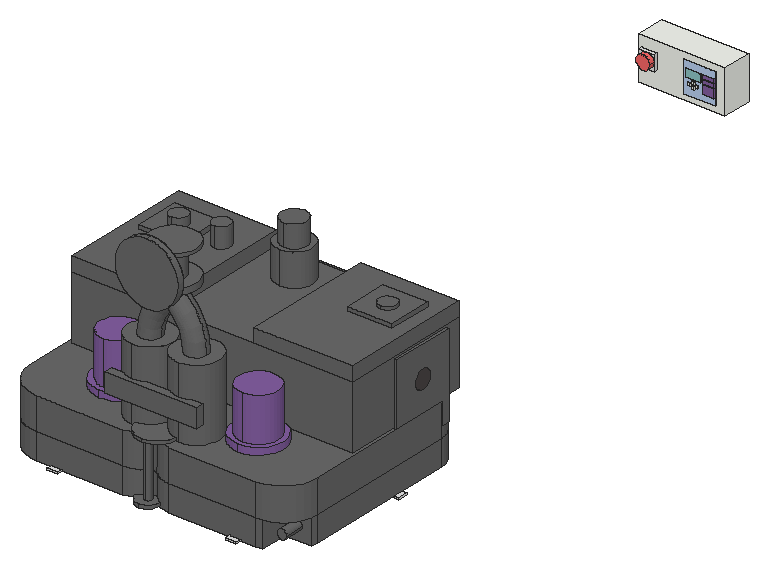
Revit family "11057", category Generic Models, Revit 2021
Family settings
  Can host rebar = No
  Round Connector Dimension = Use Diameter
  Part Type = Normal
  Work Plane-Based = No
  Always vertical = Yes
  Cut with Voids When Loaded = No
  Shared = Yes
  Room Calculation Point = No
Parameters (values of type "11057")
  SUPPLIER = "KESSEL"
  SA700ID49 = "Protection Class I"
  SA700ID48 = "no"
  SA700ID47 = "no"
  SA700ID46 = "yes"
  SA700ID37 = 16000 mm
  SA700ID34 = 47
  SA700ID33 = 3.2 W
  SA700ID32 = 202.68 kg
  SA700ID31 = 1
  SA700ID30 = 2
  SA700ID29 = "GLRD"
  SA700ID21 = 1600
  SA700ID10 = "yes"
  SA700ID08 = 400 V
  PROCUREWEBLINK = "https://p.caden.as/kessel/11057"
  PROCURELINK = "p.caden.as/kessel/11057"
  PROCUREDATALASTUPDATE = "2024-05-22T12:17:57.625319041+01:00"
  PREVIEW = "../../bilder/ksb_w_11057.png"
  PRC_SPECIFICATIONLINK = "https://ausschreiben.de/catalog/kessel/catalogItem/8d343497-a998-4265-b3c5-35644fdcfe5b"
  NN = "Lifting station Aqualift F XL"
  NBSYN = "$SA810ID03."
  NB = "11057"
  Model = "11057"
  Manufacturer = "KESSEL"
  MIdent = "{$CADENAS_DATA/23d-libs/kessel/kessel_vdi_import/4/entwaesserung/hebeanlage20aqualift20f20xl.prj},201 {STYP=ASS},{VTYP=3D},{NB=11057},{LINA=11057},{NN=Lifting station Aqualift F XL},{DATE=21.11.2022 10:48:11},{GEOMDATE=21.11.2022 10:48:11},{VERSION=},{LINEID=110},{WBVAR=LODLEVEL},{WBNUMERIC=LODLEVEL}  {NB=11057},{LINA=11057},{KT=DUMMY},{PREVIEW=../../bilder/ksb_w_11057.png},{SA700ID04=Hebeanlage Aqualift F XL 450 l, Duo, SPF 3000-S3, Gussschieber},{SA810ID06=04026092057247},{SA700ID34=47.00},{SA010ID03=201805},{SA810ID03=11057},{SA810ID10=Aqualift F XL 3000W-S3 Duo 450L m.S.G.KESSEL Aqualift F XL Hebeanlage für fäkalienhaltiges und fäkalienfreies Abwasser. Zur Aufstellung in frostgeschützten Räumen.Duoanlage mit zwei Pumpen des Typs SPF 3000-S3 Sammelbehälter aus Polyethylen, mit verschraubter Reinigungsöffnung,Anschlussstutzen für Zulauf von oben DN100/150.Inklusive Tauchrohr zur pneumatischen Niveauerfassung,Entlüftungsanschluss DN 70 und Anschluss für eine Handmembranpumpe DN 32.Behälter inklusive Haltewinkel zur Auftriebssicherung.Behältervolumen 450 Liter, max. Nutzvolumen bei Zulauf von oben ca. 250 Liter.Zwei seitliche und drei rückseitige Anbohrflächen zur Montage weiterer Zuläufe bis DN 200 unter Verwendung von Durchgangsdichtungen.Inklusive KESSEL Schaltgerät Aqualift Comfort 400 V.Anwenderfreundliche Menüführung im mehrzeiligem Display. MitSelbstdiagnosesystem (SDS) und Erinnerungsfunktion für nächste Wartung.Anzeige der aktuellen Messwerte. Einfache Einstellung derfunktionsrelevanten Parameter, inklusive Betriebsstundenzähler und potentialfreiem Kontakt. Optionale Weiterleitung von Alarm- und Sammelstörmeldung über GSM Schnittstelle.Schaltgerät mit Volltextanzeige in sechs Sprachen.Abwasserpumpe(n) mit Freistromrad zur Förderung von fäkalienfreiem und fäkalienhaltigem Abwasser gemäß DIN EN 12050-1. Freier Kugeldurchgang mindestens 40 mm. Pumpe(n) überflutungssicher.Inklusive Rückflussverhinderer, mit Druckabgang aus Grauguss DN 80. nach DIN 2501. Inklusive einem Absperrschieber.Pumpe(n) Typ SPF 3000-S3Fördermenge: max. 47 m³/hFörderhöhe: max. 16 mNennleistung (P2): 2,7 KW je PumpeAufnahmeleistung (P1): 3,3 KW je PumpeBetriebsspannung: 400 V DSNennfrequenz: 50 HzNennstrom: 5,4 AAbsicherung: 3 x 16 A trägeSchutzart (Pumpe): IP68 3mWS/48hSchutzart (Schaltgerät): IP 65Bertiebsart: S3 (50 % Einschaltdauer)Kabellänge: 5 mAußenmaße Anlage mit 450 Liter Behälter (BxTxH): 1260 x 960 x 770 mmGewicht ca. 202,68 kg},{SA700ID37=16.00},{SA700ID33=3.20},{SA700ID08=400},{SA700ID30=2},{SA700ID32=202.68},{SA700ID49=Schutzklasse I},{SA700ID50=intern},{SA200ID03=6},{SA250ID03=vertikal},{SA260ID03=Trockenläuferpumpe},{SA350ID03=normalansaugend},{SA400ID03=E-Motor für Drehstrom},{SA460ID03=direkt},{SA500ID03=Kunststoff, Edelstahl},{SA700ID06=80},{SA700ID07=100},{SA700ID09=3/N/PE 400V},{SA700ID10=Ja},{SA700ID11=50},{SA700ID12=IP 68},{SA700ID13=F},{SA700ID15=40},{SA700ID21=1600.00},{SA700ID22=2.70},{SA700ID23=2845},{SA700ID24=2845},{SA700ID26=5.40},{SA700ID27=41.00},{SA700ID28=durchgehend},{SA700ID29=GLRD},{SA700ID31=1},{SA700ID46=ja},{SA700ID47=nein},{SA700ID48=nein},{SA110ID04=Hebeanlage Aqualift F XL},{SA300ID03=einstufig},{SA700ID44=10.00},{SA700ID45=10.00},{SA010ID04=KESSEL AG},{LODLEVEL=200},{LINK=https://www.kessel.de/info?han=11057},{SA970ID01=970},{SA970ID02=7203},{SA970ID03=11057},{SA970ID04=11002617},{SA970ID05=QUAD},{SA970ID06=-655.51},{SA970ID07=-850.01},{SA970ID08=0},{SA970ID09=1},{SA970ID10=0},{SA970ID11=0},{SA970ID12=0},{SA970ID13=1},{SA970ID14=0},{SA970ID15=1311.02},{SA970ID16=1000.01},{SA970ID17=1037.75},{LODLEVEL_=200,'Low'},{LODLEVEL_DEU=200,'Low'},{LINK_=https://www.kessel.de/info?han=11057},{LINK_DEU=https://www.kessel.de/info?han=11057},{LODLEVEL_3DB=11057_200},{DNIN1=100},{DNIN2=70},{DNIN4=10},{DNIN5=10},{DNIN6=50},{DNIN7=50},{DNIN8=50},{DNIN9=50},{DNOUT1=32},{DNOUT2=100},{DNOUT3=70},{ISD1=96},{ISD2=10},{ISDOUT1=40},{ISDOUT2=85},{ISDOUT3=65},{SA010ID01=010},{SA010ID02=4},{SA010ID06=www.kessel.de},{SA010ID07=www.kessel.de},{SA010ID12=20180713},{SA010ID13=DEU},{SA010ID14=DE},{SA100ID01=100},{SA100ID02=4},{SA100ID04=Entwässerung},{SA110ID01=110},{SA110ID02=6},{SA200ID01=200},{SA200ID02=6},{SA250ID01=250},{SA250ID02=2},{SA260ID01=260},{SA260ID02=2},{SA300ID01=300},{SA300ID02=1},{SA350ID01=350},{SA350ID02=1},{SA400ID01=400},{SA400ID02=2},{SA460ID01=460},{SA460ID02=1},{SA500ID01=500},{SA500ID02=1},{SA700ID01=700},{SA700ID02=59},{SA700ID10_=1},{SA700ID16=0},{SA700ID25=0},{SA700ID46_=1},{SA700ID47_=0},{SA700ID48_=0},{SA700ID49_=1},{SA700ID50_=2},{SA800ID01=800},{SA800ID02=23},{SA810ID01=810},{SA810ID02=59},{SA810ID04=11057},{SA810ID07=59},{SA810ID09=1},{SA810ID14=PCE},{SA810ID15=1},{SA810ID16=NMP},{SA960ID03=59},{SA960ID04=3L},{SA960ID08=https://www.kessel.de/info?han=11057},{SA010ID08=4026092000007},{SA100ID05=Hebeanlage},{SA110ID06=Hebeanlage}"
  LINK = "https://www.kessel.de/info?han=11057"
  LINA = "11057"
  Default Elevation = 0 mm
  CREATOR = "CADENAS GmbH"
  CATALOG = "KESSEL"
  BOMINFO = "LINA"
  ARTICLENO = "NB"
  4.810.00.9 Order quantity (multiplicator) = "1"
  4.810.00.7 Media- connection number = "59"
  4.810.00.6 GTIN number = "04026092057247"
  4.810.00.4 DATANORM number = "11057"
  4.810.00.3 Producer order number = "11057"
  4.710.03.7 Mass (net) = 202.68 kg
  4.710.03.6 Height = 1027 mm
  4.710.03.5 Width = 1089 mm
  4.710.03.4 Length = 1260 mm
  4.710.03.3 Type of dimensions = "2"
  4.710.02.8 Area of application of wastewater pump = "1"
  4.710.02.7 Art des S2/S3-Betriebs = "50 %"
  4.710.02.6 Duty type = "S3"
  4.710.02.5 Cutting device = "0"
  4.710.02.4 Attached pump control = "1"
  4.710.02.3 Free passage = 40 mm
  4.710.01.6 Option to connect to building automation = "40"
  4.710.01.5 Load regulation = "0"
  4.710.01.4 Designation of closed-loop control = "250"
  4.710.01.3 Identifier for closed-loop control = "450"
  4.700.00.9 Voltage = 0
  4.700.00.8 Nominal connection size on suction side = "100"
  4.700.00.7 Nominal connection size on pressure side = "100"
  4.700.00.6 Type of connection = "80"
  4.700.00.4 Product indentification = "Hebeanlage Aqualift F XL 450 l, Duo, SPF 3000-S3, Gussschieber"
  4.700.00.28 Motor pump shaft = "durchgehend"
  4.700.00.27 Starting current = 41
  4.700.00.26 Maximum power consumption per pump / drive = 5.4
  4.700.00.25 Minimum speed at internal speed adjustment = 0
  4.700.00.24 Nominal speed / maximum speed n = 47.4167
  4.700.00.23 Nominal speed of motor = 47.4167
  4.700.00.22 Maximum shaft output (P2) per pump/drive = 2.7 W
  4.700.00.16 Maximum temperature of pumped medium = 0 °C
  4.700.00.15 Increased safety class = "40 °C"
  4.700.00.13 Type of protection = "F"
  4.700.00.12 Frequency = 0
  4.700.00.11 Stern-/Dreieck-Anlaufschaltung bei Dreiphasenanschluss oder Drehstrom = "50 Hz"
  4.700.00.10 Phase = "1"
  4.500.00.3 Variant / Variant type / Accessories-name = "Kunststoff, Edelstahl"
  4.460.00.3 Variant / Variant type / Accessories-name = "direkt"
  4.400.00.3 Variant / Variant type / Accessories-name = "E-Motor für Drehstrom"
  4.350.00.3 Variant / Variant type / Accessories-name = "normalansaugend"
  4.300.00.3 Variant / Variant type / Accessories-name = "einstufig"
  4.260.00.3 Variant / Variant type / Accessories-name = "Trockenläuferpumpe"
  4.250.00.3 Variant / Variant type / Accessories-name = "vertikal"
  4.200.00.3 Variant / Variant type / Accessories-name = "6"
  4.110.00.6 Product classification = "Hebeanlage"
  4.110.00.4 Product indentification = "Hebeanlage Aqualift F XL"
  4.100.00.5 Main groups of wares = "Hebeanlage"
  4.100.00.4 Product indentification = "Entwässerung"
  4.010.00.8 Producer ID number = "4026092000007"
  4.010.00.7 Comment = "www.kessel.de"
  4.010.00.6 Web address of the manufacturer = "www.kessel.de"
  4.010.00.4 Manufacturer name = "KESSEL AG"
  4.010.00.3 Date of issuance (month) of guideline = "201805"
  4.010.00.2 Sheet number of the guideline = "4"
  4.010.00.14 Kennungen der Projektländer, für die die Datei gültig ist = "DE"
  4.010.00.13 Sprache der Datei = "DEU"
  4.010.00.12 Stand des Herstellerkatalogs = "20180713"
Reference planes
  plane 1 "Center (Front/Back)": y = 0
  plane 2: z = 0
  plane 3 "Center (Left/Right)": x = 0
Dimensions and locks
  aligned and locked: level to plane 2
Nested families
  nested 1: "11057_content" at (0, 0, 0), type "11057_Content"
  nested 2: "11057_part1_X0Y0" at (1000, 1000, 1200), type "11057_PART1_X0Y0"
  nested 3: "11057_part2_X0Y0" at (0, 0, 0), type "11057_PART2_X0Y0"
Connectors
  electrical at (861, 933, 1201.5)
    settings: on nested 2, index 1, voltage 0 V, apparent load 0 VA, apparent load phase1 0 VA, apparent load phase2 0 VA, apparent load phase3 0 VA, power factor 1, load classification "Other", number of poles 1, system type 31, power factor state 1, is connector primary yes, connector utility no, sub classification motor no, connector description ""
  piping at (0, 0, 771), diameter 100
    settings: on nested 3, index 2, connector inside diameter 609.6 mm, connector length 0 mm, flow factor 0, pipe flow 0.0 L/s, pressure drop 0.0 Pa, fitting loss kfactor 0, connector angle 0.00°, fixture units 0, engagement length 0 mm, angle of deflection 0.00°, flow configuration 0, flow direction 1, fitting loss method 2, system type 8, joint type 0, gender type 0, connector reference index -1, connector utility 0, adjustable connector no, is connector primary yes, connector description ""
  piping at (631, -85, 392), diameter 70
    settings: on nested 3, index 3, connector inside diameter 609.6 mm, connector length 0 mm, flow factor 0, pipe flow 0.0 L/s, pressure drop 0.0 Pa, fitting loss kfactor 0, connector angle 0.00°, fixture units 0, engagement length 0 mm, angle of deflection 0.00°, flow configuration 0, flow direction 0, fitting loss method 2, system type 8, joint type 0, gender type 0, connector reference index -1, connector utility 0, adjustable connector no, is connector primary no, connector description ""
  piping at (358.7, 150.5, 392), diameter 70
    settings: on nested 3, index 4, connector inside diameter 609.6 mm, connector length 0 mm, flow factor 0, pipe flow 0.0 L/s, pressure drop 0.0 Pa, fitting loss kfactor 0, connector angle 0.00°, fixture units 0, engagement length 0 mm, angle of deflection 0.00°, flow configuration 0, flow direction 0, fitting loss method 2, system type 8, joint type 0, gender type 0, connector reference index -1, connector utility 0, adjustable connector no, is connector primary no, connector description ""
  piping at (0, 150.5, 392), diameter 70
    settings: on nested 3, index 5, connector inside diameter 609.6 mm, connector length 0 mm, flow factor 0, pipe flow 0.0 L/s, pressure drop 0.0 Pa, fitting loss kfactor 0, connector angle 0.00°, fixture units 0, engagement length 0 mm, angle of deflection 0.00°, flow configuration 0, flow direction 0, fitting loss method 2, system type 8, joint type 0, gender type 0, connector reference index -1, connector utility 0, adjustable connector no, is connector primary no, connector description ""
  piping at (-357.7, 150.5, 392), diameter 70
    settings: on nested 3, index 6, connector inside diameter 609.6 mm, connector length 0 mm, flow factor 0, pipe flow 0.0 L/s, pressure drop 0.0 Pa, fitting loss kfactor 0, connector angle 0.00°, fixture units 0, engagement length 0 mm, angle of deflection 0.00°, flow configuration 0, flow direction 0, fitting loss method 2, system type 8, joint type 0, gender type 0, connector reference index -1, connector utility 0, adjustable connector no, is connector primary no, connector description ""
  piping at (-630.5, -85, 392), diameter 70
    settings: on nested 3, index 7, connector inside diameter 609.6 mm, connector length 0 mm, flow factor 0, pipe flow 0.0 L/s, pressure drop 0.0 Pa, fitting loss kfactor 0, connector angle 0.00°, fixture units 0, engagement length 0 mm, angle of deflection 0.00°, flow configuration 0, flow direction 0, fitting loss method 2, system type 8, joint type 0, gender type 0, connector reference index -1, connector utility 0, adjustable connector no, is connector primary no, connector description ""
  piping at (0, -660, 970), diameter 100
    settings: on nested 3, index 8, connector inside diameter 609.6 mm, connector length 0 mm, flow factor 0, pipe flow 0.0 L/s, pressure drop 0.0 Pa, fitting loss kfactor 0, connector angle 0.00°, fixture units 0, engagement length 0 mm, angle of deflection 0.00°, flow configuration 0, flow direction 2, fitting loss method 2, system type 7, joint type 0, gender type 0, connector reference index -1, connector utility 0, adjustable connector no, is connector primary no, connector description ""
  piping at (-270, -60, 681), diameter 70
    settings: on nested 3, index 9, connector inside diameter 609.6 mm, connector length 0 mm, flow factor 0, pipe flow 0.0 L/s, pressure drop 0.0 Pa, fitting loss kfactor 0, connector angle 0.00°, fixture units 0, engagement length 0 mm, angle of deflection 0.00°, flow configuration 0, flow direction 2, fitting loss method 2, system type 7, joint type 0, gender type 0, connector reference index -1, connector utility 0, adjustable connector no, is connector primary no, connector description ""
  piping at (565, -772.67, 61), diameter 32
    settings: on nested 3, index 10, connector inside diameter 609.6 mm, connector length 0 mm, flow factor 0, pipe flow 0.0 L/s, pressure drop 0.0 Pa, fitting loss kfactor 0, connector angle 0.00°, fixture units 0, engagement length 0 mm, angle of deflection 0.00°, flow configuration 0, flow direction 2, fitting loss method 2, system type 7, joint type 0, gender type 0, connector reference index -1, connector utility 0, adjustable connector no, is connector primary no, connector description ""
  electrical at (304.25, -577, 477)
    settings: on nested 3, index 11, voltage 0 V, apparent load 0 VA, apparent load phase1 0 VA, apparent load phase2 0 VA, apparent load phase3 0 VA, power factor 1, load classification "Other", number of poles 1, system type 31, power factor state 1, is connector primary no, connector utility no, sub classification motor no, connector description ""
  electrical at (-304.25, -577, 477)
    settings: on nested 3, index 12, voltage 0 V, apparent load 0 VA, apparent load phase1 0 VA, apparent load phase2 0 VA, apparent load phase3 0 VA, power factor 1, load classification "Other", number of poles 1, system type 31, power factor state 1, is connector primary no, connector utility no, sub classification motor no, connector description ""
  electrical at (-457.5, -59.5, 650)
    settings: on nested 3, index 13, voltage 0 V, apparent load 0 VA, apparent load phase1 0 VA, apparent load phase2 0 VA, apparent load phase3 0 VA, power factor 1, load classification "Other", number of poles 1, system type 31, power factor state 1, is connector primary no, connector utility no, sub classification motor no, connector description ""
Definition of nested family "11057_part1_X0Y0"
  Parameters (values of type "11057_PART1_X0Y0")
    SUPPLIER = "KESSEL"
    SA700ID49 = "Protection Class I"
    SA700ID48 = "no"
    SA700ID47 = "no"
    SA700ID46 = "yes"
    SA700ID37 = 16000 mm
    SA700ID34 = 47
    SA700ID33 = 3.2 W
    SA700ID32 = 202.68 kg
    SA700ID31 = 1
    SA700ID30 = 2
    SA700ID29 = "GLRD"
    SA700ID21 = 1600
    SA700ID10 = "yes"
    SA700ID08 = 400 V
    PREVIEW = "../../bilder/ksb_w_11057.png"
    NBSYN = "$SA810ID03._PART1"
    NB = "11057_PART1"
    Model = "11057_PART1"
    Manufacturer = "KESSEL"
    MIdent = "{$CADENAS_DATA/23d-libs/kessel/kessel_vdi_import/4/entwaesserung/hebeanlage20aqualift20f20xl.prj},221 {VTYP=3D},{NB=11057_PART1},{LINA=11057_PART1},{NN=Lifting station Aqualift F XL_PART1},{NOPRJ=TRUE},{DATE=21.11.2022 10:48:11},{GEOMDATE=21.11.2022 10:48:11},{VERSION=},{LINEID=110},{WBVAR=LODLEVEL},{WBNUMERIC=LODLEVEL}  {NB=11057_PART1},{LINA=11057_PART1},{KT=DUMMY},{PREVIEW=../../bilder/ksb_w_11057.png},{SA700ID04=Hebeanlage Aqualift F XL 450 l, Duo, SPF 3000-S3, Gussschieber},{SA810ID06=04026092057247},{SA700ID34=47.00},{SA010ID03=201805},{SA810ID03=11057},{SA810ID10=Aqualift F XL 3000W-S3 Duo 450L m.S.G.KESSEL Aqualift F XL Hebeanlage für fäkalienhaltiges und fäkalienfreies Abwasser. Zur Aufstellung in frostgeschützten Räumen.Duoanlage mit zwei Pumpen des Typs SPF 3000-S3 Sammelbehälter aus Polyethylen, mit verschraubter Reinigungsöffnung,Anschlussstutzen für Zulauf von oben DN100/150.Inklusive Tauchrohr zur pneumatischen Niveauerfassung,Entlüftungsanschluss DN 70 und Anschluss für eine Handmembranpumpe DN 32.Behälter inklusive Haltewinkel zur Auftriebssicherung.Behältervolumen 450 Liter, max. Nutzvolumen bei Zulauf von oben ca. 250 Liter.Zwei seitliche und drei rückseitige Anbohrflächen zur Montage weiterer Zuläufe bis DN 200 unter Verwendung von Durchgangsdichtungen.Inklusive KESSEL Schaltgerät Aqualift Comfort 400 V.Anwenderfreundliche Menüführung im mehrzeiligem Display. MitSelbstdiagnosesystem (SDS) und Erinnerungsfunktion für nächste Wartung.Anzeige der aktuellen Messwerte. Einfache Einstellung derfunktionsrelevanten Parameter, inklusive Betriebsstundenzähler und potentialfreiem Kontakt. Optionale Weiterleitung von Alarm- und Sammelstörmeldung über GSM Schnittstelle.Schaltgerät mit Volltextanzeige in sechs Sprachen.Abwasserpumpe(n) mit Freistromrad zur Förderung von fäkalienfreiem und fäkalienhaltigem Abwasser gemäß DIN EN 12050-1. Freier Kugeldurchgang mindestens 40 mm. Pumpe(n) überflutungssicher.Inklusive Rückflussverhinderer, mit Druckabgang aus Grauguss DN 80. nach DIN 2501. Inklusive einem Absperrschieber.Pumpe(n) Typ SPF 3000-S3Fördermenge: max. 47 m³/hFörderhöhe: max. 16 mNennleistung (P2): 2,7 KW je PumpeAufnahmeleistung (P1): 3,3 KW je PumpeBetriebsspannung: 400 V DSNennfrequenz: 50 HzNennstrom: 5,4 AAbsicherung: 3 x 16 A trägeSchutzart (Pumpe): IP68 3mWS/48hSchutzart (Schaltgerät): IP 65Bertiebsart: S3 (50 % Einschaltdauer)Kabellänge: 5 mAußenmaße Anlage mit 450 Liter Behälter (BxTxH): 1260 x 960 x 770 mmGewicht ca. 202,68 kg},{SA700ID37=16.00},{SA700ID33=3.20},{SA700ID08=400},{SA700ID30=2},{SA700ID32=202.68},{SA700ID49=Schutzklasse I},{SA700ID50=intern},{SA200ID03=6},{SA250ID03=vertikal},{SA260ID03=Trockenläuferpumpe},{SA350ID03=normalansaugend},{SA400ID03=E-Motor für Drehstrom},{SA460ID03=direkt},{SA500ID03=Kunststoff, Edelstahl},{SA700ID06=80},{SA700ID07=100},{SA700ID09=3/N/PE 400V},{SA700ID10=Ja},{SA700ID11=50},{SA700ID12=IP 68},{SA700ID13=F},{SA700ID15=40},{SA700ID21=1600.00},{SA700ID22=2.70},{SA700ID23=2845},{SA700ID24=2845},{SA700ID26=5.40},{SA700ID27=41.00},{SA700ID28=durchgehend},{SA700ID29=GLRD},{SA700ID31=1},{SA700ID46=ja},{SA700ID47=nein},{SA700ID48=nein},{SA110ID04=Hebeanlage Aqualift F XL},{SA300ID03=einstufig},{SA700ID44=10.00},{SA700ID45=10.00},{SA010ID04=KESSEL AG},{LODLEVEL=200},{LINK=https://www.kessel.de/info?han=11057},{SA970ID01=970},{SA970ID02=7203},{SA970ID03=11057},{SA970ID04=11002617},{SA970ID05=QUAD},{SA970ID06=-655.51},{SA970ID07=-850.01},{SA970ID08=0},{SA970ID09=1},{SA970ID10=0},{SA970ID11=0},{SA970ID12=0},{SA970ID13=1},{SA970ID14=0},{SA970ID15=1311.02},{SA970ID16=1000.01},{SA970ID17=1037.75},{LODLEVEL_=200,'Low'},{LODLEVEL_DEU=200,'Low'},{LINK_=https://www.kessel.de/info?han=11057},{LINK_DEU=https://www.kessel.de/info?han=11057},{LODLEVEL_3DB=11057_200},{DNIN1=100},{DNIN2=70},{DNIN4=10},{DNIN5=10},{DNIN6=50},{DNIN7=50},{DNIN8=50},{DNIN9=50},{DNOUT1=32},{DNOUT2=100},{DNOUT3=70},{ISD1=96},{ISD2=10},{ISDOUT1=40},{ISDOUT2=85},{ISDOUT3=65},{SA010ID01=010},{SA010ID02=4},{SA010ID06=www.kessel.de},{SA010ID07=www.kessel.de},{SA010ID12=20180713},{SA010ID13=DEU},{SA010ID14=DE},{SA100ID01=100},{SA100ID02=4},{SA100ID04=Entwässerung},{SA110ID01=110},{SA110ID02=6},{SA200ID01=200},{SA200ID02=6},{SA250ID01=250},{SA250ID02=2},{SA260ID01=260},{SA260ID02=2},{SA300ID01=300},{SA300ID02=1},{SA350ID01=350},{SA350ID02=1},{SA400ID01=400},{SA400ID02=2},{SA460ID01=460},{SA460ID02=1},{SA500ID01=500},{SA500ID02=1},{SA700ID01=700},{SA700ID02=59},{SA700ID10_=1},{SA700ID16=0},{SA700ID25=0},{SA700ID46_=1},{SA700ID47_=0},{SA700ID48_=0},{SA700ID49_=1},{SA700ID50_=2},{SA800ID01=800},{SA800ID02=23},{SA810ID01=810},{SA810ID02=59},{SA810ID04=11057},{SA810ID07=59},{SA810ID09=1},{SA810ID14=PCE},{SA810ID15=1},{SA810ID16=NMP},{SA960ID03=59},{SA960ID04=3L},{SA960ID08=https://www.kessel.de/info?han=11057},{SA010ID08=4026092000007},{SA100ID05=Hebeanlage},{SA110ID06=Hebeanlage}"
    LINK = "https://www.kessel.de/info?han=11057"
    LINA = "11057_PART1"
    Default Elevation = 1219.2 mm
    CREATOR = "CADENAS GmbH"
    CATALOG = "KESSEL"
    BOMINFO = "LINA"
    ARTICLENO = "NB"
    4.810.00.9 Order quantity (multiplicator) = "1"
    4.810.00.7 Media- connection number = "59"
    4.810.00.6 GTIN number = "04026092057247"
    4.810.00.4 DATANORM number = "11057"
    4.810.00.3 Producer order number = "11057"
    4.710.03.7 Mass (net) = 202.68 kg
    4.710.03.6 Height = 1027 mm
    4.710.03.5 Width = 1089 mm
    4.710.03.4 Length = 1260 mm
    4.710.03.3 Type of dimensions = "2"
    4.710.02.8 Area of application of wastewater pump = "1"
    4.710.02.7 Art des S2/S3-Betriebs = "50 %"
    4.710.02.6 Duty type = "S3"
    4.710.02.5 Cutting device = "0"
    4.710.02.4 Attached pump control = "1"
    4.710.02.3 Free passage = 40 mm
    4.710.01.6 Option to connect to building automation = "40"
    4.710.01.5 Load regulation = "0"
    4.710.01.4 Designation of closed-loop control = "250"
    4.710.01.3 Identifier for closed-loop control = "450"
    4.700.00.9 Voltage = 0
    4.700.00.8 Nominal connection size on suction side = "100"
    4.700.00.7 Nominal connection size on pressure side = "100"
    4.700.00.6 Type of connection = "80"
    4.700.00.4 Product indentification = "Hebeanlage Aqualift F XL 450 l, Duo, SPF 3000-S3, Gussschieber"
    4.700.00.28 Motor pump shaft = "durchgehend"
    4.700.00.27 Starting current = 41
    4.700.00.26 Maximum power consumption per pump / drive = 5.4
    4.700.00.25 Minimum speed at internal speed adjustment = 0
    4.700.00.24 Nominal speed / maximum speed n = 47.4167
    4.700.00.23 Nominal speed of motor = 47.4167
    4.700.00.22 Maximum shaft output (P2) per pump/drive = 2.7 W
    4.700.00.16 Maximum temperature of pumped medium = 0 °C
    4.700.00.15 Increased safety class = "40 °C"
    4.700.00.13 Type of protection = "F"
    4.700.00.12 Frequency = 0
    4.700.00.11 Stern-/Dreieck-Anlaufschaltung bei Dreiphasenanschluss oder Drehstrom = "50 Hz"
    4.700.00.10 Phase = "1"
    4.500.00.3 Variant / Variant type / Accessories-name = "Kunststoff, Edelstahl"
    4.460.00.3 Variant / Variant type / Accessories-name = "direkt"
    4.400.00.3 Variant / Variant type / Accessories-name = "E-Motor für Drehstrom"
    4.350.00.3 Variant / Variant type / Accessories-name = "normalansaugend"
    4.300.00.3 Variant / Variant type / Accessories-name = "einstufig"
    4.260.00.3 Variant / Variant type / Accessories-name = "Trockenläuferpumpe"
    4.250.00.3 Variant / Variant type / Accessories-name = "vertikal"
    4.200.00.3 Variant / Variant type / Accessories-name = "6"
    4.110.00.6 Product classification = "Hebeanlage"
    4.110.00.4 Product indentification = "Hebeanlage Aqualift F XL"
    4.100.00.5 Main groups of wares = "Hebeanlage"
    4.100.00.4 Product indentification = "Entwässerung"
    4.010.00.8 Producer ID number = "4026092000007"
    4.010.00.7 Comment = "www.kessel.de"
    4.010.00.6 Web address of the manufacturer = "www.kessel.de"
    4.010.00.4 Manufacturer name = "KESSEL AG"
    4.010.00.3 Date of issuance (month) of guideline = "201805"
    4.010.00.2 Sheet number of the guideline = "4"
    4.010.00.14 Kennungen der Projektländer, für die die Datei gültig ist = "DE"
    4.010.00.13 Sprache der Datei = "DEU"
    4.010.00.12 Stand des Herstellerkatalogs = "20180713"
  Reference planes
    plane 1 "Center (Front/Back)": y = 0
    plane 2: z = 0
    plane 3 "Center (Left/Right)": x = 0
  Dimensions and locks
    aligned and locked: level to plane 2
  Nested families
    nested 1: "11057_part1_content" at (0, 0, 0), type "11057_PART1_Content"
  Definition of nested family "11057_part1_content"
    Parameters (values of type "11057_PART1_Content")
      SUPPLIER = "KESSEL"
      SA700ID49 = "Protection Class I"
      SA700ID48 = "no"
      SA700ID47 = "no"
      SA700ID46 = "yes"
      SA700ID37 = 16000 mm
      SA700ID34 = 47
      SA700ID33 = 3.2 W
      SA700ID32 = 202.68 kg
      SA700ID31 = 1
      SA700ID30 = 2
      SA700ID29 = "GLRD"
      SA700ID21 = 1600
      SA700ID10 = "yes"
      SA700ID08 = 400 V
      PREVIEW = "../../bilder/ksb_w_11057.png"
      NBSYN = "$SA810ID03._PART1"
      NB = "11057_PART1"
      Model = "11057_PART1"
      Manufacturer = "KESSEL"
      LINK = "https://www.kessel.de/info?han=11057"
      LINA = "11057_PART1"
      Default Elevation = 1219.2 mm
      CREATOR = "CADENAS GmbH"
      CATALOG = "KESSEL"
      BOMINFO = "LINA"
      ARTICLENO = "NB"
      4.810.00.9 Order quantity (multiplicator) = "1"
      4.810.00.7 Media- connection number = "59"
      4.810.00.6 GTIN number = "04026092057247"
      4.810.00.4 DATANORM number = "11057"
      4.810.00.3 Producer order number = "11057"
      4.710.03.7 Mass (net) = 202.68 kg
      4.710.03.6 Height = 1027 mm
      4.710.03.5 Width = 1089 mm
      4.710.03.4 Length = 1260 mm
      4.710.03.3 Type of dimensions = "2"
      4.710.02.8 Area of application of wastewater pump = "1"
      4.710.02.7 Art des S2/S3-Betriebs = "50 %"
      4.710.02.6 Duty type = "S3"
      4.710.02.5 Cutting device = "0"
      4.710.02.4 Attached pump control = "1"
      4.710.02.3 Free passage = 40 mm
      4.710.01.6 Option to connect to building automation = "40"
      4.710.01.5 Load regulation = "0"
      4.710.01.4 Designation of closed-loop control = "250"
      4.710.01.3 Identifier for closed-loop control = "450"
      4.700.00.9 Voltage = 0
      4.700.00.8 Nominal connection size on suction side = "100"
      4.700.00.7 Nominal connection size on pressure side = "100"
      4.700.00.6 Type of connection = "80"
      4.700.00.4 Product indentification = "Hebeanlage Aqualift F XL 450 l, Duo, SPF 3000-S3, Gussschieber"
      4.700.00.28 Motor pump shaft = "durchgehend"
      4.700.00.27 Starting current = 41
      4.700.00.26 Maximum power consumption per pump / drive = 5.4
      4.700.00.25 Minimum speed at internal speed adjustment = 0
      4.700.00.24 Nominal speed / maximum speed n = 47.4167
      4.700.00.23 Nominal speed of motor = 47.4167
      4.700.00.22 Maximum shaft output (P2) per pump/drive = 2.7 W
      4.700.00.16 Maximum temperature of pumped medium = 0 °C
      4.700.00.15 Increased safety class = "40 °C"
      4.700.00.13 Type of protection = "F"
      4.700.00.12 Frequency = 0
      4.700.00.11 Stern-/Dreieck-Anlaufschaltung bei Dreiphasenanschluss oder Drehstrom = "50 Hz"
      4.700.00.10 Phase = "1"
      4.500.00.3 Variant / Variant type / Accessories-name = "Kunststoff, Edelstahl"
      4.460.00.3 Variant / Variant type / Accessories-name = "direkt"
      4.400.00.3 Variant / Variant type / Accessories-name = "E-Motor für Drehstrom"
      4.350.00.3 Variant / Variant type / Accessories-name = "normalansaugend"
      4.300.00.3 Variant / Variant type / Accessories-name = "einstufig"
      4.260.00.3 Variant / Variant type / Accessories-name = "Trockenläuferpumpe"
      4.250.00.3 Variant / Variant type / Accessories-name = "vertikal"
      4.200.00.3 Variant / Variant type / Accessories-name = "6"
      4.110.00.6 Product classification = "Hebeanlage"
      4.110.00.4 Product indentification = "Hebeanlage Aqualift F XL"
      4.100.00.5 Main groups of wares = "Hebeanlage"
      4.100.00.4 Product indentification = "Entwässerung"
      4.010.00.8 Producer ID number = "4026092000007"
      4.010.00.7 Comment = "www.kessel.de"
      4.010.00.6 Web address of the manufacturer = "www.kessel.de"
      4.010.00.4 Manufacturer name = "KESSEL AG"
      4.010.00.3 Date of issuance (month) of guideline = "201805"
      4.010.00.2 Sheet number of the guideline = "4"
      4.010.00.14 Kennungen der Projektländer, für die die Datei gültig ist = "DE"
      4.010.00.13 Sprache der Datei = "DEU"
      4.010.00.12 Stand des Herstellerkatalogs = "20180713"
    Reference planes
      plane 1 "Center (Front/Back)": y = 0
      plane 2: z = 0
      plane 3 "Center (Left/Right)": x = 0
    Forms (mm)
      Extrusion 1, solid, detail levels medium+fine
        sketch origin (189.25, -1.75, 0.2) x (0, -1, 0) y (0, 0, 1)
          loop
            line (0, 187.8) -> (0, 0) -> (127.75, 0) -> (127.75, 187.8) -> (0, 187.8)
        from 0 to 378.5
      Extrusion 2, solid, detail levels medium+fine
        sketch origin (-4, -67, 0) x (0, 1, 0) y (-1, 0, 0)
          loop
            circle (0, 0) r 12.5
        from 0 to 1.5
      Extrusion 3, solid, detail levels medium+fine
        sketch origin (150.8, -129.5, 26.5) x (0, -1, 0) y (0, 0, 1)
          loop
            line (-1.2, 134.8) -> (-1.2, 0) -> (0.25, 0) -> (0.25, 134.8) -> (-1.2, 134.8)
        from 0 to 139.9
      Extrusion 4, solid, detail levels medium+fine
        sketch origin (72.55, -129.75, 66) x (0, -1, 0) y (0, 0, 1)
          loop
            line (-1, 12) -> (-1, 0) -> (0.5, 0) -> (0.5, 12) -> (-1, 12)
        from 0 to 12
      Extrusion 5, solid, detail levels medium+fine
        sketch origin (84.45, -129.75, 93.4) x (0, -1, 0) y (0, 0, 1)
          loop
            line (-1, 37) -> (-1, 0) -> (0.5, 0) -> (0.5, 37) -> (-1, 37)
        from 0 to 66
      Extrusion 6, solid, detail levels medium+fine
        sketch origin (55.3, -129.75, 74) x (0, -1, 0) y (0, 0, 1)
          loop
            line (-1, 12) -> (-1, 0) -> (0.5, 0) -> (0.5, 12) -> (-1, 12)
        from 0 to 12
      Extrusion 7, solid, detail levels medium+fine
        sketch origin (143.3, -129.75, 94.4) x (0, -1, 0) y (0, 0, 1)
          loop
            line (0, 16) -> (0, 0) -> (1.75, 0) -> (1.75, 16) -> (0, 16)
        from 0 to 51
      Extrusion 8, solid, detail levels medium+fine
        sketch origin (143.3, -129.75, 54.4) x (0, -1, 0) y (0, 0, 1)
          loop
            line (0, 36) -> (0, 0) -> (1.75, 0) -> (1.75, 36) -> (0, 36)
        from 0 to 51
      Extrusion 9, solid, detail levels medium+fine
        sketch origin (55.3, -129.75, 57.5) x (0, -1, 0) y (0, 0, 1)
          loop
            line (-1, 12) -> (-1, 0) -> (0.5, 0) -> (0.5, 12) -> (-1, 12)
        from 0 to 12
      Extrusion 10, solid, detail levels medium+fine
        sketch origin (143.3, -129.75, 114.4) x (0, -1, 0) y (0, 0, 1)
          loop
            line (0, 16) -> (0, 0) -> (1.75, 0) -> (1.75, 16) -> (0, 16)
        from 0 to 51
      Extrusion 11, solid, detail levels medium+fine
        sketch origin (38.05, -129.75, 66) x (0, -1, 0) y (0, 0, 1)
          loop
            line (-1, 12) -> (-1, 0) -> (0.5, 0) -> (0.5, 12) -> (-1, 12)
        from 0 to 12
      Extrusion 12, solid, detail levels medium+fine
        sketch origin (47, -72, 0) x (0, 1, 0) y (-1, 0, 0)
          loop
            circle (0, 0) r 8
        from 0 to 1.5
      Extrusion 13, solid, detail levels medium+fine
        sketch origin (47, -42, 0) x (0, 1, 0) y (-1, 0, 0)
          loop
            circle (0, 0) r 5.25
        from 0 to 1.5
      Extrusion 14, solid, detail levels medium+fine
        sketch origin (77, -72, 0) x (0, 1, 0) y (-1, 0, 0)
          loop
            circle (0, 0) r 8
        from 0 to 1.5
      Extrusion 15, solid, detail levels medium+fine
        sketch origin (-94, -67, 0) x (0, 1, 0) y (-1, 0, 0)
          loop
            circle (0, 0) r 12.5
        from 0 to 1.5
      Extrusion 16, solid, detail levels medium+fine
        sketch origin (92, -42, 0) x (0, 1, 0) y (-1, 0, 0)
          loop
            circle (0, 0) r 8
        from 0 to 1.5
      Extrusion 17, solid, detail levels medium+fine
        sketch origin (107, -72, 0) x (0, 1, 0) y (-1, 0, 0)
          loop
            circle (0, 0) r 8
        from 0 to 1.5
      Extrusion 18, solid, detail levels medium+fine
        sketch origin (122, -42, 0) x (0, 1, 0) y (-1, 0, 0)
          loop
            circle (0, 0) r 8
        from 0 to 1.5
      Extrusion 19, solid, detail levels medium+fine
        sketch origin (-107.7, -129.5, 76.9) x (0, -1, 0) y (0, 0, 1)
          loop
            line (0, 67) -> (0, 0) -> (14, 0) -> (14, 67) -> (0, 67)
        from 0 to 67
      Extrusion 20, solid, detail levels medium+fine
        sketch origin (-141.2, -143.5, 110.4) x (1, 0, 0) y (0, 0, 1)
          loop
            circle (0, 0) r 30
        from 0 to 22
      Extrusion 21, solid, detail levels medium+fine
        sketch origin (127, -15, 0) x (0, 1, 0) y (-1, 0, 0)
          loop
            circle (0, 0) r 6
        from 0 to 1.5
      Extrusion 22, solid, detail levels medium+fine
        sketch origin (137, -72, 0) x (0, 1, 0) y (-1, 0, 0)
          loop
            circle (0, 0) r 8
        from 0 to 1.5
      Extrusion 23, solid, detail levels medium+fine
        sketch origin (-139, -67, 0) x (0, 1, 0) y (-1, 0, 0)
          loop
            circle (0, 0) r 12.5
        from 0 to 1.5
      Extrusion 24, solid, detail levels medium+fine
        sketch origin (152, -42, 0) x (0, 1, 0) y (-1, 0, 0)
          loop
            circle (0, 0) r 8
        from 0 to 1.5
      Extrusion 25, solid, detail levels coarse
        sketch origin (0, -83.625, 0) x (1, 0, 0) y (0, 1, 0)
          loop
            line (-189.25, -81.875) -> (189.25, -81.875) -> (189.25, 81.875) -> (-189.25, 81.875) -> (-189.25, -81.875)
        from 0 to 188
    Dimensions and locks
      aligned and locked: level to plane 2
Definition of nested family "11057_part2_X0Y0"
  Parameters (values of type "11057_PART2_X0Y0")
    SUPPLIER = "KESSEL"
    SA700ID49 = "Protection Class I"
    SA700ID48 = "no"
    SA700ID47 = "no"
    SA700ID46 = "yes"
    SA700ID37 = 16000 mm
    SA700ID34 = 47
    SA700ID33 = 3.2 W
    SA700ID32 = 202.68 kg
    SA700ID31 = 1
    SA700ID30 = 2
    SA700ID29 = "GLRD"
    SA700ID21 = 1600
    SA700ID10 = "yes"
    SA700ID08 = 400 V
    PREVIEW = "../../bilder/ksb_w_11057.png"
    NBSYN = "$SA810ID03._PART2"
    NB = "11057_PART2"
    Model = "11057_PART2"
    Manufacturer = "KESSEL"
    MIdent = "{$CADENAS_DATA/23d-libs/kessel/kessel_vdi_import/4/entwaesserung/hebeanlage20aqualift20f20xl.prj},221 {VTYP=3D},{NB=11057_PART2},{LINA=11057_PART2},{NN=Lifting station Aqualift F XL_PART2},{NOPRJ=TRUE},{DATE=21.11.2022 10:48:11},{GEOMDATE=21.11.2022 10:48:11},{VERSION=},{LINEID=110},{WBVAR=LODLEVEL},{WBNUMERIC=LODLEVEL}  {NB=11057_PART2},{LINA=11057_PART2},{KT=DUMMY},{PREVIEW=../../bilder/ksb_w_11057.png},{SA700ID04=Hebeanlage Aqualift F XL 450 l, Duo, SPF 3000-S3, Gussschieber},{SA810ID06=04026092057247},{SA700ID34=47.00},{SA010ID03=201805},{SA810ID03=11057},{SA810ID10=Aqualift F XL 3000W-S3 Duo 450L m.S.G.KESSEL Aqualift F XL Hebeanlage für fäkalienhaltiges und fäkalienfreies Abwasser. Zur Aufstellung in frostgeschützten Räumen.Duoanlage mit zwei Pumpen des Typs SPF 3000-S3 Sammelbehälter aus Polyethylen, mit verschraubter Reinigungsöffnung,Anschlussstutzen für Zulauf von oben DN100/150.Inklusive Tauchrohr zur pneumatischen Niveauerfassung,Entlüftungsanschluss DN 70 und Anschluss für eine Handmembranpumpe DN 32.Behälter inklusive Haltewinkel zur Auftriebssicherung.Behältervolumen 450 Liter, max. Nutzvolumen bei Zulauf von oben ca. 250 Liter.Zwei seitliche und drei rückseitige Anbohrflächen zur Montage weiterer Zuläufe bis DN 200 unter Verwendung von Durchgangsdichtungen.Inklusive KESSEL Schaltgerät Aqualift Comfort 400 V.Anwenderfreundliche Menüführung im mehrzeiligem Display. MitSelbstdiagnosesystem (SDS) und Erinnerungsfunktion für nächste Wartung.Anzeige der aktuellen Messwerte. Einfache Einstellung derfunktionsrelevanten Parameter, inklusive Betriebsstundenzähler und potentialfreiem Kontakt. Optionale Weiterleitung von Alarm- und Sammelstörmeldung über GSM Schnittstelle.Schaltgerät mit Volltextanzeige in sechs Sprachen.Abwasserpumpe(n) mit Freistromrad zur Förderung von fäkalienfreiem und fäkalienhaltigem Abwasser gemäß DIN EN 12050-1. Freier Kugeldurchgang mindestens 40 mm. Pumpe(n) überflutungssicher.Inklusive Rückflussverhinderer, mit Druckabgang aus Grauguss DN 80. nach DIN 2501. Inklusive einem Absperrschieber.Pumpe(n) Typ SPF 3000-S3Fördermenge: max. 47 m³/hFörderhöhe: max. 16 mNennleistung (P2): 2,7 KW je PumpeAufnahmeleistung (P1): 3,3 KW je PumpeBetriebsspannung: 400 V DSNennfrequenz: 50 HzNennstrom: 5,4 AAbsicherung: 3 x 16 A trägeSchutzart (Pumpe): IP68 3mWS/48hSchutzart (Schaltgerät): IP 65Bertiebsart: S3 (50 % Einschaltdauer)Kabellänge: 5 mAußenmaße Anlage mit 450 Liter Behälter (BxTxH): 1260 x 960 x 770 mmGewicht ca. 202,68 kg},{SA700ID37=16.00},{SA700ID33=3.20},{SA700ID08=400},{SA700ID30=2},{SA700ID32=202.68},{SA700ID49=Schutzklasse I},{SA700ID50=intern},{SA200ID03=6},{SA250ID03=vertikal},{SA260ID03=Trockenläuferpumpe},{SA350ID03=normalansaugend},{SA400ID03=E-Motor für Drehstrom},{SA460ID03=direkt},{SA500ID03=Kunststoff, Edelstahl},{SA700ID06=80},{SA700ID07=100},{SA700ID09=3/N/PE 400V},{SA700ID10=Ja},{SA700ID11=50},{SA700ID12=IP 68},{SA700ID13=F},{SA700ID15=40},{SA700ID21=1600.00},{SA700ID22=2.70},{SA700ID23=2845},{SA700ID24=2845},{SA700ID26=5.40},{SA700ID27=41.00},{SA700ID28=durchgehend},{SA700ID29=GLRD},{SA700ID31=1},{SA700ID46=ja},{SA700ID47=nein},{SA700ID48=nein},{SA110ID04=Hebeanlage Aqualift F XL},{SA300ID03=einstufig},{SA700ID44=10.00},{SA700ID45=10.00},{SA010ID04=KESSEL AG},{LODLEVEL=200},{LINK=https://www.kessel.de/info?han=11057},{SA970ID01=970},{SA970ID02=7203},{SA970ID03=11057},{SA970ID04=11002617},{SA970ID05=QUAD},{SA970ID06=-655.51},{SA970ID07=-850.01},{SA970ID08=0},{SA970ID09=1},{SA970ID10=0},{SA970ID11=0},{SA970ID12=0},{SA970ID13=1},{SA970ID14=0},{SA970ID15=1311.02},{SA970ID16=1000.01},{SA970ID17=1037.75},{LODLEVEL_=200,'Low'},{LODLEVEL_DEU=200,'Low'},{LINK_=https://www.kessel.de/info?han=11057},{LINK_DEU=https://www.kessel.de/info?han=11057},{LODLEVEL_3DB=11057_200},{DNIN1=100},{DNIN2=70},{DNIN4=10},{DNIN5=10},{DNIN6=50},{DNIN7=50},{DNIN8=50},{DNIN9=50},{DNOUT1=32},{DNOUT2=100},{DNOUT3=70},{ISD1=96},{ISD2=10},{ISDOUT1=40},{ISDOUT2=85},{ISDOUT3=65},{SA010ID01=010},{SA010ID02=4},{SA010ID06=www.kessel.de},{SA010ID07=www.kessel.de},{SA010ID12=20180713},{SA010ID13=DEU},{SA010ID14=DE},{SA100ID01=100},{SA100ID02=4},{SA100ID04=Entwässerung},{SA110ID01=110},{SA110ID02=6},{SA200ID01=200},{SA200ID02=6},{SA250ID01=250},{SA250ID02=2},{SA260ID01=260},{SA260ID02=2},{SA300ID01=300},{SA300ID02=1},{SA350ID01=350},{SA350ID02=1},{SA400ID01=400},{SA400ID02=2},{SA460ID01=460},{SA460ID02=1},{SA500ID01=500},{SA500ID02=1},{SA700ID01=700},{SA700ID02=59},{SA700ID10_=1},{SA700ID16=0},{SA700ID25=0},{SA700ID46_=1},{SA700ID47_=0},{SA700ID48_=0},{SA700ID49_=1},{SA700ID50_=2},{SA800ID01=800},{SA800ID02=23},{SA810ID01=810},{SA810ID02=59},{SA810ID04=11057},{SA810ID07=59},{SA810ID09=1},{SA810ID14=PCE},{SA810ID15=1},{SA810ID16=NMP},{SA960ID03=59},{SA960ID04=3L},{SA960ID08=https://www.kessel.de/info?han=11057},{SA010ID08=4026092000007},{SA100ID05=Hebeanlage},{SA110ID06=Hebeanlage}"
    LINK = "https://www.kessel.de/info?han=11057"
    LINA = "11057_PART2"
    Default Elevation = 1219.2 mm
    CREATOR = "CADENAS GmbH"
    CATALOG = "KESSEL"
    BOMINFO = "LINA"
    ARTICLENO = "NB"
    4.810.00.9 Order quantity (multiplicator) = "1"
    4.810.00.7 Media- connection number = "59"
    4.810.00.6 GTIN number = "04026092057247"
    4.810.00.4 DATANORM number = "11057"
    4.810.00.3 Producer order number = "11057"
    4.710.03.7 Mass (net) = 202.68 kg
    4.710.03.6 Height = 1027 mm
    4.710.03.5 Width = 1089 mm
    4.710.03.4 Length = 1260 mm
    4.710.03.3 Type of dimensions = "2"
    4.710.02.8 Area of application of wastewater pump = "1"
    4.710.02.7 Art des S2/S3-Betriebs = "50 %"
    4.710.02.6 Duty type = "S3"
    4.710.02.5 Cutting device = "0"
    4.710.02.4 Attached pump control = "1"
    4.710.02.3 Free passage = 40 mm
    4.710.01.6 Option to connect to building automation = "40"
    4.710.01.5 Load regulation = "0"
    4.710.01.4 Designation of closed-loop control = "250"
    4.710.01.3 Identifier for closed-loop control = "450"
    4.700.00.9 Voltage = 0
    4.700.00.8 Nominal connection size on suction side = "100"
    4.700.00.7 Nominal connection size on pressure side = "100"
    4.700.00.6 Type of connection = "80"
    4.700.00.4 Product indentification = "Hebeanlage Aqualift F XL 450 l, Duo, SPF 3000-S3, Gussschieber"
    4.700.00.28 Motor pump shaft = "durchgehend"
    4.700.00.27 Starting current = 41
    4.700.00.26 Maximum power consumption per pump / drive = 5.4
    4.700.00.25 Minimum speed at internal speed adjustment = 0
    4.700.00.24 Nominal speed / maximum speed n = 47.4167
    4.700.00.23 Nominal speed of motor = 47.4167
    4.700.00.22 Maximum shaft output (P2) per pump/drive = 2.7 W
    4.700.00.16 Maximum temperature of pumped medium = 0 °C
    4.700.00.15 Increased safety class = "40 °C"
    4.700.00.13 Type of protection = "F"
    4.700.00.12 Frequency = 0
    4.700.00.11 Stern-/Dreieck-Anlaufschaltung bei Dreiphasenanschluss oder Drehstrom = "50 Hz"
    4.700.00.10 Phase = "1"
    4.500.00.3 Variant / Variant type / Accessories-name = "Kunststoff, Edelstahl"
    4.460.00.3 Variant / Variant type / Accessories-name = "direkt"
    4.400.00.3 Variant / Variant type / Accessories-name = "E-Motor für Drehstrom"
    4.350.00.3 Variant / Variant type / Accessories-name = "normalansaugend"
    4.300.00.3 Variant / Variant type / Accessories-name = "einstufig"
    4.260.00.3 Variant / Variant type / Accessories-name = "Trockenläuferpumpe"
    4.250.00.3 Variant / Variant type / Accessories-name = "vertikal"
    4.200.00.3 Variant / Variant type / Accessories-name = "6"
    4.110.00.6 Product classification = "Hebeanlage"
    4.110.00.4 Product indentification = "Hebeanlage Aqualift F XL"
    4.100.00.5 Main groups of wares = "Hebeanlage"
    4.100.00.4 Product indentification = "Entwässerung"
    4.010.00.8 Producer ID number = "4026092000007"
    4.010.00.7 Comment = "www.kessel.de"
    4.010.00.6 Web address of the manufacturer = "www.kessel.de"
    4.010.00.4 Manufacturer name = "KESSEL AG"
    4.010.00.3 Date of issuance (month) of guideline = "201805"
    4.010.00.2 Sheet number of the guideline = "4"
    4.010.00.14 Kennungen der Projektländer, für die die Datei gültig ist = "DE"
    4.010.00.13 Sprache der Datei = "DEU"
    4.010.00.12 Stand des Herstellerkatalogs = "20180713"
  Reference planes
    plane 1 "Center (Front/Back)": y = 0
    plane 2: z = 0
    plane 3 "Center (Left/Right)": x = 0
  Dimensions and locks
    aligned and locked: level to plane 2
  Nested families
    nested 1: "11057_part2_content" at (0, 0, 0), type "11057_PART2_Content"
  Definition of nested family "11057_part2_content"
    Parameters (values of type "11057_PART2_Content")
      SUPPLIER = "KESSEL"
      SA700ID49 = "Protection Class I"
      SA700ID48 = "no"
      SA700ID47 = "no"
      SA700ID46 = "yes"
      SA700ID37 = 16000 mm
      SA700ID34 = 47
      SA700ID33 = 3.2 W
      SA700ID32 = 202.68 kg
      SA700ID31 = 1
      SA700ID30 = 2
      SA700ID29 = "GLRD"
      SA700ID21 = 1600
      SA700ID10 = "yes"
      SA700ID08 = 400 V
      PREVIEW = "../../bilder/ksb_w_11057.png"
      NBSYN = "$SA810ID03._PART2"
      NB = "11057_PART2"
      Model = "11057_PART2"
      Manufacturer = "KESSEL"
      LINK = "https://www.kessel.de/info?han=11057"
      LINA = "11057_PART2"
      Default Elevation = 1219.2 mm
      CREATOR = "CADENAS GmbH"
      CATALOG = "KESSEL"
      BOMINFO = "LINA"
      ARTICLENO = "NB"
      4.810.00.9 Order quantity (multiplicator) = "1"
      4.810.00.7 Media- connection number = "59"
      4.810.00.6 GTIN number = "04026092057247"
      4.810.00.4 DATANORM number = "11057"
      4.810.00.3 Producer order number = "11057"
      4.710.03.7 Mass (net) = 202.68 kg
      4.710.03.6 Height = 1027 mm
      4.710.03.5 Width = 1089 mm
      4.710.03.4 Length = 1260 mm
      4.710.03.3 Type of dimensions = "2"
      4.710.02.8 Area of application of wastewater pump = "1"
      4.710.02.7 Art des S2/S3-Betriebs = "50 %"
      4.710.02.6 Duty type = "S3"
      4.710.02.5 Cutting device = "0"
      4.710.02.4 Attached pump control = "1"
      4.710.02.3 Free passage = 40 mm
      4.710.01.6 Option to connect to building automation = "40"
      4.710.01.5 Load regulation = "0"
      4.710.01.4 Designation of closed-loop control = "250"
      4.710.01.3 Identifier for closed-loop control = "450"
      4.700.00.9 Voltage = 0
      4.700.00.8 Nominal connection size on suction side = "100"
      4.700.00.7 Nominal connection size on pressure side = "100"
      4.700.00.6 Type of connection = "80"
      4.700.00.4 Product indentification = "Hebeanlage Aqualift F XL 450 l, Duo, SPF 3000-S3, Gussschieber"
      4.700.00.28 Motor pump shaft = "durchgehend"
      4.700.00.27 Starting current = 41
      4.700.00.26 Maximum power consumption per pump / drive = 5.4
      4.700.00.25 Minimum speed at internal speed adjustment = 0
      4.700.00.24 Nominal speed / maximum speed n = 47.4167
      4.700.00.23 Nominal speed of motor = 47.4167
      4.700.00.22 Maximum shaft output (P2) per pump/drive = 2.7 W
      4.700.00.16 Maximum temperature of pumped medium = 0 °C
      4.700.00.15 Increased safety class = "40 °C"
      4.700.00.13 Type of protection = "F"
      4.700.00.12 Frequency = 0
      4.700.00.11 Stern-/Dreieck-Anlaufschaltung bei Dreiphasenanschluss oder Drehstrom = "50 Hz"
      4.700.00.10 Phase = "1"
      4.500.00.3 Variant / Variant type / Accessories-name = "Kunststoff, Edelstahl"
      4.460.00.3 Variant / Variant type / Accessories-name = "direkt"
      4.400.00.3 Variant / Variant type / Accessories-name = "E-Motor für Drehstrom"
      4.350.00.3 Variant / Variant type / Accessories-name = "normalansaugend"
      4.300.00.3 Variant / Variant type / Accessories-name = "einstufig"
      4.260.00.3 Variant / Variant type / Accessories-name = "Trockenläuferpumpe"
      4.250.00.3 Variant / Variant type / Accessories-name = "vertikal"
      4.200.00.3 Variant / Variant type / Accessories-name = "6"
      4.110.00.6 Product classification = "Hebeanlage"
      4.110.00.4 Product indentification = "Hebeanlage Aqualift F XL"
      4.100.00.5 Main groups of wares = "Hebeanlage"
      4.100.00.4 Product indentification = "Entwässerung"
      4.010.00.8 Producer ID number = "4026092000007"
      4.010.00.7 Comment = "www.kessel.de"
      4.010.00.6 Web address of the manufacturer = "www.kessel.de"
      4.010.00.4 Manufacturer name = "KESSEL AG"
      4.010.00.3 Date of issuance (month) of guideline = "201805"
      4.010.00.2 Sheet number of the guideline = "4"
      4.010.00.14 Kennungen der Projektländer, für die die Datei gültig ist = "DE"
      4.010.00.13 Sprache der Datei = "DEU"
      4.010.00.12 Stand des Herstellerkatalogs = "20180713"
    Reference planes
      plane 1 "Center (Front/Back)": y = 0
      plane 2: z = 0
      plane 3 "Center (Left/Right)": x = 0
    Forms (mm)
      Extrusion 1, solid, detail levels medium+fine
        sketch origin (-0.5, -660, 112.5) x (1, 0, 0) y (0, 1, 0)
          loop
            arc (-629.5, 0) -> (-585.566, -106.066) -> (-479.5, -150) r 150
            line (-479.5, -150) -> (-99.995, -150)
            arc (-99.995, -150) -> (-57.127, -141.301) -> (-21.04, -116.58) r 109.976
            arc (-21.04, -116.58) -> (0.5, -107.47) -> (22.04, -116.58) r 30.02
            arc (22.04, -116.58) -> (58.127, -141.301) -> (100.995, -150) r 109.976
            line (100.995, -150) -> (480.5, -150)
            arc (480.5, -150) -> (586.566, -106.066) -> (630.5, 0) r 150
            line (630.5, 0) -> (630.5, 677.961)
            arc (630.5, 677.961) -> (605.35, 744.274) -> (542.55, 777.23) r 99.997
            line (542.55, 777.23) -> (499.4, 782.28) -> (499.4, 800) -> (-498.4, 800) -> (-498.4, 782.28) -> (-541.55, 777.23)
            arc (-541.55, 777.23) -> (-604.35, 744.274) -> (-629.5, 677.961) r 99.997
            line (-629.5, 677.961) -> (-629.5, 0)
        from 0 to 143.5
      Extrusion 2, solid, detail levels medium+fine
        sketch origin (0, -660, 1) x (1, 0, 0) y (0, 1, 0)
          loop
            arc (-630, 0) -> (-586.066, -106.066) -> (-480, -150) r 150
            line (-480, -150) -> (-100.495, -150)
            arc (-100.495, -150) -> (-57.627, -141.301) -> (-21.54, -116.58) r 109.976
            arc (-21.54, -116.58) -> (0, -107.47) -> (21.54, -116.58) r 30.02
            line (21.54, -116.58) -> (23.04, -118.1)
            arc (23.04, -118.1) -> (58.613, -141.713) -> (100.498, -150) r 109.99
            line (100.498, -150) -> (480, -150)
            arc (480, -150) -> (494.569, -149.291) -> (509, -147.17) r 150.003
            line (509, -147.17) -> (509, -29.17) -> (627.14, -29.17)
            arc (627.14, -29.17) -> (629.282, -14.655) -> (630, 0) r 150.373
            line (630, 0) -> (630, 677.961)
            arc (630, 677.961) -> (604.85, 744.274) -> (542.05, 777.23) r 99.997
            line (542.05, 777.23) -> (498.9, 782.28) -> (498.9, 800) -> (-498.9, 800) -> (-498.9, 782.28) -> (-542.05, 777.23)
            arc (-542.05, 777.23) -> (-604.85, 744.274) -> (-630, 677.961) r 99.997
            line (-630, 677.961) -> (-630, 0)
        from 0 to 111.5
      Extrusion 3, solid, detail levels medium+fine
        sketch origin (-614.5, -448.4, 256) x (0, 1, 0) y (0, 0, 1)
          loop
            line (0, 279) -> (0, 0) -> (582.4, 0) -> (582.4, 279) -> (0, 279)
        from 0 to 1229
      Extrusion 4, solid, detail levels medium+fine
        sketch origin (0, 0, 535) x (0, 1, 0) y (-1, 0, 0)
          loop
            circle (0, 0) r 80
        from 0 to 140
      Extrusion 5, solid, detail levels medium+fine
        sketch origin (0, 0, 675) x (0, 1, 0) y (-1, 0, 0)
          loop
            circle (0, 0) r 55
        from 0 to 96
      Extrusion 6, solid, detail levels medium+fine
        sketch origin (-141.375, 134, 161) x (0, 1, 0) y (0, 0, 1)
          loop
            line (0, 366.75) -> (0, 0) -> (16, 0) -> (16, 366.75) -> (0, 366.75)
        from 0 to 281.75
      Extrusion 7, solid, detail levels medium+fine
        sketch origin (0, 149, 392) x (1, 0, 0) y (0, 0, -1)
          loop
            circle (0, 0) r 40
        from 0 to 1.5
      Extrusion 8, solid, detail levels medium+fine
        sketch origin (-304.25, -577, 256) x (0, 1, 0) y (-1, 0, 0)
          loop
            circle (0, 0) r 110
        from 0 to 30
      Extrusion 9, solid, detail levels medium+fine
        sketch origin (-304.25, -577, 286) x (0, 1, 0) y (-1, 0, 0)
          loop
            circle (0, 0) r 86
        from 0 to 191
      Extrusion 10, solid, detail levels medium+fine
        sketch origin (-101.5, -660, 256) x (0, 1, 0) y (-1, 0, 0)
          loop
            circle (0, 0) r 100
        from 0 to 312
      Extrusion 11, solid, detail levels medium+fine
        sketch origin (200.8, -749.5, 354) x (0, -1, 0) y (0, 0, 1)
          loop
            line (0, 80) -> (0, 0) -> (34, 0) -> (34, 80) -> (0, 80)
        from 0 to 401.6
      Extrusion 12, solid, detail levels medium+fine
        sketch origin (101.5, -660, 256) x (0, 1, 0) y (-1, 0, 0)
          loop
            circle (0, 0) r 100
        from 0 to 312
      Extrusion 13, solid, detail levels medium+fine
        sketch origin (0, -747, 256) x (0, 1, 0) y (-1, 0, 0)
          loop
            circle (0, 0) r 90
        from 0 to 12
      Extrusion 14, solid, detail levels medium+fine
        sketch origin (0, -800, 17) x (0, 1, 0) y (-1, 0, 0)
          loop
            circle (0, 0) r 15
        from 0 to 239
      Extrusion 15, solid, detail levels medium+fine
        sketch origin (0, -800, 3) x (0, 1, 0) y (-1, 0, 0)
          loop
            circle (0, 0) r 50
        from 0 to 14
      Revolve 16, solid, detail levels medium+fine
        sketch origin (100.5, -660, 568) x (-1, 0, 0) y (0, -1, 0)
          loop
            circle (0, 0) r 46.5
          axis (225, 0) -> (225, -1)
        angle from -60 to 0
      Extrusion 17, solid, detail levels medium+fine
        sketch origin (0, -660, 748) x (0, 1, 0) y (-1, 0, 0)
          loop
            circle (0, 0) r 46.5
        from 0 to 60
      Extrusion 18, solid, detail levels medium+fine
        sketch origin (0, -660, 808) x (0, 1, 0) y (-1, 0, 0)
          loop
            circle (0, 0) r 100
        from 0 to 27
      Extrusion 19, solid, detail levels medium+fine
        sketch origin (0, -660, 835) x (0, 1, 0) y (-1, 0, 0)
          loop
            circle (0, 0) r 47
        from 0 to 120.5
      Extrusion 20, solid, detail levels medium+fine
        sketch origin (0, -660, 900.25) x (0, 0, 1) y (-1, 0, 0)
          loop
            circle (0, 0) r 25
        from 0 to 100
      Revolve 21, solid, detail levels medium+fine
        sketch origin (0, -760, 900.25) x (-1, 0, 0) y (0, -1, 0)
          loop
            line (0, 0) -> (42, 0) -> (137.5, 20.5) -> (0, 20.5) -> (0, 0)
          axis (0, 20.5) -> (0, 0)
        angle from 0 to 360
      Extrusion 22, solid, detail levels medium+fine
        sketch origin (0, -780.5, 900.25) x (0, 0, 1) y (-1, 0, 0)
          loop
            circle (0, 0) r 137.5
        from 0 to 25
      Extrusion 23, solid, detail levels medium+fine
        sketch origin (0, -660, 955.5) x (0, 1, 0) y (-1, 0, 0)
          loop
            circle (0, 0) r 100
        from 0 to 14.5
      Revolve 24, solid, detail levels medium+fine
        sketch origin (-100.5, -660, 568) x (1, 0, 0) y (0, 1, 0)
          loop
            circle (0, 0) r 46.5
          axis (225, 0) -> (225, -1)
        angle from -60 to 0
      Extrusion 25, solid, detail levels medium+fine
        sketch origin (304.25, -577, 256) x (0, 1, 0) y (-1, 0, 0)
          loop
            circle (0, 0) r 110
        from 0 to 30
      Extrusion 26, solid, detail levels medium+fine
        sketch origin (304.25, -577, 286) x (0, 1, 0) y (-1, 0, 0)
          loop
            circle (0, 0) r 86
        from 0 to 191
      Extrusion 27, solid, detail levels medium+fine
        sketch origin (-614.5, -448.4, 535) x (0, 1, 0) y (0, 0, 1)
          loop
            line (0, 61) -> (0, 0) -> (582.4, 0) -> (582.4, 61) -> (0, 61)
        from 0 to 432
      Extrusion 28, solid, detail levels medium+fine
        sketch origin (-555, -157, 596) x (0, 1, 0) y (0, 0, 1)
          loop
            line (0, 17) -> (0, 0) -> (195, 0) -> (195, 17) -> (0, 17)
        from 0 to 195
      Extrusion 29, solid, detail levels medium+fine
        sketch origin (-457.5, -59.5, 613) x (0, 1, 0) y (-1, 0, 0)
          loop
            circle (0, 0) r 38
        from 0 to 37
      Extrusion 30, solid, detail levels medium+fine
        sketch origin (-270, -60, 596) x (0, 1, 0) y (-1, 0, 0)
          loop
            circle (0, 0) r 37.5
        from 0 to 85
      Extrusion 31, solid, detail levels medium+fine
        sketch origin (182.5, -448.4, 535) x (0, 1, 0) y (0, 0, 1)
          loop
            line (0, 61) -> (0, 0) -> (582.4, 0) -> (582.4, 61) -> (0, 61)
        from 0 to 432
      Extrusion 32, solid, detail levels medium+fine
        sketch origin (359, -157, 596) x (0, 1, 0) y (0, 0, 1)
          loop
            line (0, 17) -> (0, 0) -> (195, 0) -> (195, 17) -> (0, 17)
        from 0 to 195
      Extrusion 33, solid, detail levels medium+fine
        sketch origin (456.5, -59.5, 613) x (0, 1, 0) y (-1, 0, 0)
          loop
            circle (0, 0) r 38
        from 0 to 10
      Extrusion 34, solid, detail levels medium+fine
        sketch origin (-498.9, 134, 161) x (0, 1, 0) y (0, 0, 1)
          loop
            line (0, 366.75) -> (0, 0) -> (16, 0) -> (16, 366.75) -> (0, 366.75)
        from 0 to 281.75
      Extrusion 35, solid, detail levels medium+fine
        sketch origin (-357.7, 149, 392) x (1, 0, 0) y (0, 0, -1)
          loop
            circle (0, 0) r 40
        from 0 to 1.5
      Extrusion 36, solid, detail levels medium+fine
        sketch origin (217.15, 134, 161) x (0, 1, 0) y (0, 0, 1)
          loop
            line (0, 366.75) -> (0, 0) -> (16, 0) -> (16, 366.75) -> (0, 366.75)
        from 0 to 281.75
      Extrusion 37, solid, detail levels medium+fine
        sketch origin (358.7, 149, 392) x (1, 0, 0) y (0, 0, -1)
          loop
            circle (0, 0) r 40
        from 0 to 1.5
      Extrusion 38, solid, detail levels medium+fine
        sketch origin (412.5, -810, 0) x (0, -1, 0) y (0, 0, 1)
          loop
            line (0, 5) -> (0, 0) -> (26, 0) -> (26, 5) -> (0, 5)
        from 0 to 45
      Extrusion 39, solid, detail levels medium+fine
        sketch origin (-368.5, -810, 0) x (0, -1, 0) y (0, 0, 1)
          loop
            line (0, 5) -> (0, 0) -> (26, 0) -> (26, 5) -> (0, 5)
        from 0 to 45
      Extrusion 40, solid, detail levels medium+fine
        sketch origin (-614.5, 55.875, 161) x (0, -1, 0) y (0, 0, 1)
          loop
            line (0, 366.75) -> (0, 0) -> (281.75, 0) -> (281.75, 366.75) -> (0, 366.75)
        from 0 to 15.5
      Extrusion 41, solid, detail levels medium+fine
        sketch origin (-629, -85, 392) x (0, 1, 0) y (0, 0, -1)
          loop
            circle (0, 0) r 40
        from 0 to 1.5
      Extrusion 42, solid, detail levels medium+fine
        sketch origin (630, 55.875, 161) x (0, -1, 0) y (0, 0, 1)
          loop
            line (0, 366.75) -> (0, 0) -> (281.75, 0) -> (281.75, 366.75) -> (0, 366.75)
        from 0 to 15.5
      Extrusion 43, solid, detail levels medium+fine
        sketch origin (-630, -202.5, 0) x (0, -1, 0) y (0, 0, 1)
          loop
            line (0, 5) -> (0, 0) -> (45, 0) -> (45, 5) -> (0, 5)
        from 0 to 25.5
      Extrusion 44, solid, detail levels medium+fine
        sketch origin (655.5, -202.5, 0) x (0, -1, 0) y (0, 0, 1)
          loop
            line (0, 5) -> (0, 0) -> (45, 0) -> (45, 5) -> (0, 5)
        from 0 to 25.5
      Extrusion 45, solid, detail levels medium+fine
        sketch origin (565, -689.17, 61) x (1, 0, 0) y (0, 0, 1)
          loop
            circle (0, 0) r 20.2
        from 0 to 83.5
      Extrusion 46, solid, detail levels medium+fine
        sketch origin (629.5, -85, 392) x (0, -1, 0) y (0, 0, -1)
          loop
            circle (0, 0) r 40
        from 0 to 1.5
      Extrusion 47, solid, detail levels coarse
        sketch origin (0, -349.75, 0) x (1, 0, 0) y (0, 1, 0)
          loop
            line (-655.5, -500.25) -> (655.5, -500.25) -> (655.5, 500.25) -> (-655.5, 500.25) -> (-655.5, -500.25)
        from 0 to 1037.75
    Dimensions and locks
      aligned and locked: level to plane 2
